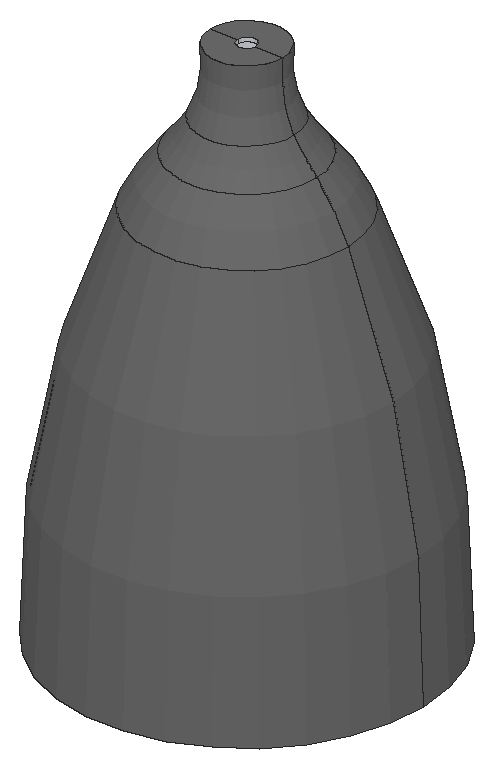
Revit family "PEZ SHADE", category Lighting Fixtures, Revit 2024
Family settings
  Round Connector Dimension = Use Diameter
  Part Type = Normal
  OmniClass Number = 23.80.70.00
  OmniClass Title = Lighting
  Work Plane-Based = No
  Always vertical = Yes
  Cut with Voids When Loaded = No
  Light Source = Yes
  Maintain Annotation Orientation = No
  Shared = No
  Room Calculation Point = No
Parameters
  Wattage = 12.1178 W
  built-in parameter 1150110 = 1 (stored number, unit not read)
  built-in parameter 1114217 = 1 (stored number, unit not read)
  built-in parameter 1150109 = 1 (stored number, unit not read)
  built-in parameter 1150134 = (empty or 0)
  built-in parameter 1150113 = 1 (stored number, unit not read)
  Lumens = 1800 lm
  built-in parameter 1150115 = 1 (stored number, unit not read)
  built-in parameter 1150105 = 572.96 (stored number, unit not read)
  Light Source Symbol Size = 2' - 0"
  built-in parameter 1150137 = (empty or 0)
  built-in parameter 1150139 = (empty or 0)
  built-in parameter 1150112 = 1 (stored number, unit not read)
  built-in parameter 1150114 = 1 (stored number, unit not read)
  built-in parameter 1150132 = 2
  built-in parameter 1150102 = (empty or 0)
  built-in parameter 1150138 = (empty or 0)
  built-in parameter 1150107 = 3000 (stored number, unit not read)
  built-in parameter 1150106 = 5.7296 (stored number, unit not read)
  built-in parameter 1150104 = 13.8 (stored number, unit not read)
  Dimming Lamp Color Temperature Shift = (empty or 0)
  Default Elevation = 0' - 0"
  Color Filter = 16777215
  built-in parameter 1114218 = 1 (stored number, unit not read)
  built-in parameter 1150133 = 10 (stored number, unit not read)
Reference planes (in)
  plane 1 "Light Source Axis (F/B)": y = 0
  plane 2: z = 0
  plane 3 "Light Source Axis (L/R)": x = 0
  plane 4 "Light Source Elevation": z = 84
Forms (in)
  Revolve 1, solid
    sketch origin (0, 0, 0) x (1, 0, 0) y (0, 0, 1)
      loop
        line (-0.25, 98.625) -> (-1, 98.625)
        arc (-1, 98.625) -> (-1.01835, 97.69907) -> (-1.3039, 96.81808) r 3.16545
        arc (-1.3039, 96.81808) -> (-1.58308, 96.37843) -> (-1.91247, 95.975) r 4.38155
        arc (-1.91247, 95.975) -> (-2.41915, 95.32588) -> (-2.81394, 94.60323) r 5.0644
        arc (-2.81394, 94.60323) -> (-4.4478, 89.41889) -> (-4.875, 84) r 24.03644
        line (-4.875, 84) -> (-4.78119, 84)
        arc (-4.78119, 84) -> (-4.35609, 89.39941) -> (-2.72829, 94.56512) r 23.94269
        arc (-2.72829, 94.56512) -> (-2.3408, 95.2744) -> (-1.8435, 95.9115) r 4.97065
        arc (-1.8435, 95.9115) -> (-1.50644, 96.32443) -> (-1.22086, 96.7745) r 4.4753
        arc (-1.22086, 96.7745) -> (-0.93534, 97.63013) -> (-0.89527, 98.53125) r 3.2592
        line (-0.89527, 98.53125) -> (-0.25, 98.53125) -> (-0.25, 98.625)
      axis (0, 84) -> (0, 98.625)
    angle from 0 to 360
Dimensions and locks (in)
  aligned and locked: plane 3 "Light Source Axis (L/R)" to imposter light
  aligned and locked: plane 1 "Light Source Axis (F/B)" to imposter light
  aligned and locked: plane 4 "Light Source Elevation" to imposter light
  aligned and locked: level to plane 2
